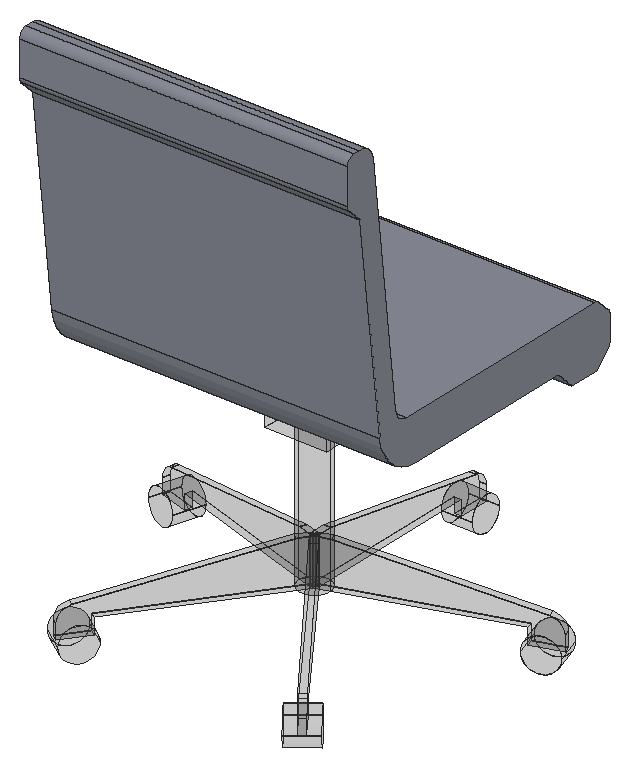
Revit family "Chair-Task", category Furniture, Revit 2018
Family settings
  OmniClass Number = 23.40.20.14.14.11
  OmniClass Title = Chairs
  Work Plane-Based = No
  Always vertical = Yes
  Cut with Voids When Loaded = No
  Shared = Yes
  Room Calculation Point = No
Parameters (values of type "Chair-Task")
  Assembly Code = "E2020200"
  Base Material = Plastic, Opaque Black
  Caster Material = Plastic, Opaque Black
  Seat/Back Material = Textile - Slate Blue
Reference planes (in)
  plane 1 "Center (Front/Back)": y = 0.7459
  plane 2: z = 0
  plane 3 "Center (Left/Right)": x = 5.55082
  plane 4: x = 18.05082
  plane 5: x = -6.94918
  plane 6: y = -12.7541
  plane 7: y = 14.2459
  plane 8: z = 35
  plane 9 "Seat": z = 18
  plane 10: y = -9.7541
  plane 11: z = 34
  plane 12: y = 11.2459
  plane 13: y = 10.2459
  plane 14: z = 17
  plane 15: y = -8.7541
  plane 16: z = 31
  plane 17: z = 14
  plane 18: x = 7.55082
  plane 19: x = 3.55082
Forms (in)
  Extrusion 1, solid, material "Textile - Slate Blue" <- "Seat/Back Material"
    sketch origin (-6.94918, 0, 0) x (0, -1, 0) y (0, 0, 1)
      loop
        arc (-10.03977, 18) -> (-10.23034, 17.96226) -> (-10.39214, 17.85473) r 0.5
        line (-10.39214, 17.85473) -> (-11.09827, 17.15331)
        arc (-11.09827, 17.15331) -> (-11.20752, 16.99069) -> (-11.2459, 16.79857) r 0.5
        line (-11.2459, 16.79857) -> (-11.2459, 15.41892)
        arc (-11.2459, 15.41892) -> (-11.17042, 15.03778) -> (-10.95537, 14.71418) r 1
        line (-10.95537, 14.71418) -> (-10.24595, 14) -> (-8.24595, 14) -> (-7.12892, 15.10959) -> (4.21689, 15.10959)
        arc (4.21689, 15.10959) -> (6.21043, 15.86776) -> (7.19634, 17.75907) r 3
        line (7.19634, 17.75907) -> (8.7541, 31) -> (9.60765, 31.85355)
        arc (9.60765, 31.85355) -> (9.71604, 32.01577) -> (9.7541, 32.20711) r 0.5
        line (9.7541, 32.20711) -> (9.7541, 34.5)
        arc (9.7541, 34.5) -> (9.60765, 34.85355) -> (9.2541, 35) r 0.5
        line (9.2541, 35) -> (8.7472, 35)
        arc (8.7472, 35) -> (8.08269, 34.74728) -> (7.75405, 34.11684) r 1
        line (7.75405, 34.11684) -> (5.96185, 18.88316)
        arc (5.96185, 18.88316) -> (5.63322, 18.25272) -> (4.9687, 18) r 1
        line (4.9687, 18) -> (-10.03977, 18)
    from -2 to -23
  Extrusion 2, solid, material "Plastic, Opaque Black" <- "Base Material"
    sketch origin (7.55082, 0, 0) x (0, -1, 0) y (0, 0, 1)
      loop
        line (0.7541, 15.10959) -> (-2.7459, 15.10959) -> (-2.7459, 14.60959) -> (-0.7459, 11.14549) -> (0.7541, 11.14549) -> (0.7541, 15.10959)
    from 0 to 4
  Extrusion 3, solid, material "Plastic, Opaque Black" <- "Base Material"
    sketch origin (5.55082, 0, 0) x (0, 1, 0) y (0, 0, 1)
      loop
        line (0.7459, 2.10959) -> (12.2459, 2.10959) -> (12.2459, 1.10959) -> (14.2459, 1.10959) -> (14.2459, 2.0664)
        arc (14.2459, 2.0664) -> (14.01195, 2.70919) -> (13.41955, 3.05121) r 1
        line (13.41955, 3.05121) -> (1.7459, 5.10959) -> (0.7459, 5.10959) -> (0.7459, 2.10959)
    from 0.25 to -0.25
  Extrusion 4, solid, material "Plastic, Opaque Black" <- "Caster Material"
    sketch origin (5.55082, 0, 0) x (0, 1, 0) y (0, 0, 1)
      loop
        circle (13.2459, 1.10959) r 1.11025
    from 1 to -1
  Extrusion 5, solid, material "Plastic, Opaque Black" <- "Base Material"
    sketch origin (6.26021, 0.51541, 0) x (-0.951057, 0.309017, 0) y (0, 0, 1)
      loop
        line (0.7459, 2.10959) -> (12.2459, 2.10959) -> (12.2459, 1.10959) -> (14.2459, 1.10959) -> (14.2459, 2.0664)
        arc (14.2459, 2.0664) -> (14.01195, 2.70919) -> (13.41955, 3.05121) r 1
        line (13.41955, 3.05121) -> (1.7459, 5.10959) -> (0.7459, 5.10959) -> (0.7459, 2.10959)
    from 0.25 to -0.25
  Extrusion 6, solid, material "Plastic, Opaque Black" <- "Caster Material"
    sketch origin (6.26021, 0.51541, 0) x (-0.951057, 0.309017, 0) y (0, 0, 1)
      loop
        circle (13.2459, 1.10959) r 1.11025
    from 1 to -1
  Extrusion 7, solid, material "Plastic, Opaque Black" <- "Base Material"
    sketch origin (5.98925, 1.34935, 0) x (-0.587785, -0.809017, 0) y (0, 0, 1)
      loop
        line (0.7459, 2.10959) -> (12.2459, 2.10959) -> (12.2459, 1.10959) -> (14.2459, 1.10959) -> (14.2459, 2.0664)
        arc (14.2459, 2.0664) -> (14.01195, 2.70919) -> (13.41955, 3.05121) r 1
        line (13.41955, 3.05121) -> (1.7459, 5.10959) -> (0.7459, 5.10959) -> (0.7459, 2.10959)
    from 0.25 to -0.25
  Extrusion 8, solid, material "Plastic, Opaque Black" <- "Caster Material"
    sketch origin (5.98925, 1.34935, 0) x (-0.587785, -0.809017, 0) y (0, 0, 1)
      loop
        circle (13.2459, 1.10959) r 1.11025
    from 1 to -1
  Extrusion 9, solid, material "Plastic, Opaque Black" <- "Base Material"
    sketch origin (5.11239, 1.34935, 0) x (0.587785, -0.809017, 0) y (0, 0, 1)
      loop
        line (0.7459, 2.10959) -> (12.2459, 2.10959) -> (12.2459, 1.10959) -> (14.2459, 1.10959) -> (14.2459, 2.0664)
        arc (14.2459, 2.0664) -> (14.01195, 2.70919) -> (13.41955, 3.05121) r 1
        line (13.41955, 3.05121) -> (1.7459, 5.10959) -> (0.7459, 5.10959) -> (0.7459, 2.10959)
    from 0.25 to -0.25
  Extrusion 10, solid, material "Plastic, Opaque Black" <- "Caster Material"
    sketch origin (5.11239, 1.34935, 0) x (0.587785, -0.809017, 0) y (0, 0, 1)
      loop
        circle (13.2459, 1.10959) r 1.11025
    from 1 to -1
  Extrusion 11, solid, material "Plastic, Opaque Black" <- "Base Material"
    sketch origin (4.84143, 0.51541, 0) x (0.951057, 0.309017, 0) y (0, 0, 1)
      loop
        line (0.7459, 2.10959) -> (12.2459, 2.10959) -> (12.2459, 1.10959) -> (14.2459, 1.10959) -> (14.2459, 2.0664)
        arc (14.2459, 2.0664) -> (14.01195, 2.70919) -> (13.41955, 3.05121) r 1
        line (13.41955, 3.05121) -> (1.7459, 5.10959) -> (0.7459, 5.10959) -> (0.7459, 2.10959)
    from 0.25 to -0.25
  Extrusion 12, solid, material "Plastic, Opaque Black" <- "Caster Material"
    sketch origin (4.84143, 0.51541, 0) x (0.951057, 0.309017, 0) y (0, 0, 1)
      loop
        circle (13.2459, 1.10959) r 1.11025
    from 1 to -1
  Extrusion 13, solid, material "Plastic, Opaque Black" <- "Base Material"
    sketch origin (0, 0, 0) x (1, 0, 0) y (0, 1, 0)
      loop
        circle (5.55082, 0.7459) r 1
    from 2.10959 to 15.125
Lines and regions (in)
  Masking region 1
    outline origin (0, 0, 18) x (0, -1, 0) y (1, 0, 0)
      loop
        line (-11.09827, -5.19918) -> (8.7541, -5.19918)
        arc (8.7541, -5.19918) -> (9.46121, -4.90629) -> (9.7541, -4.19918) r 1
        line (9.7541, -4.19918) -> (9.7541, 15.30082)
        arc (9.7541, 15.30082) -> (9.46121, 16.00793) -> (8.7541, 16.30082) r 1
        line (8.7541, 16.30082) -> (-11.09827, 16.30082) -> (-11.09827, -5.19918)
  symbolic lines
    curve 1: line (-4.94918, -8.7541, 18) -> (-4.94918, -6.9687, 18)
    curve 2: line (-2.94918, -4.9687, 18) -> (14.05082, -4.9687, 18)
    curve 3: line (16.05082, -8.7541, 18) -> (16.05082, -6.9687, 18)
    curve 4: arc (-2.94918, -4.9687, 18) -> (-4.36339, -5.55449, 18) -> (-4.94918, -6.9687, 18) r 2
    curve 5: arc (14.05082, -4.9687, 18) -> (15.46503, -5.55449, 18) -> (16.05082, -6.9687, 18) r 2
    curve 6: arc (-4.94918, -8.7541, 18) -> (-4.65629, -9.46121, 18) -> (-3.94918, -9.7541, 18) r 1
    curve 7: arc (16.05082, -8.7541, 18) -> (15.75793, -9.46121, 18) -> (15.05082, -9.7541, 18) r 1
Dimensions and locks (in)
  equal spacing: plane 5, plane 3 "Center (Left/Right)", plane 4
  plane 5 to plane 4 = 2' - 1"
  equal spacing: plane 6, plane 1 "Center (Front/Back)", plane 7
  plane 6 to plane 7 = 2' - 3"
Automatic sketch dimensions
  plane 1 "Center (Front/Back)" to curve 2 = 0' - 5.7146"
  curve 2 to curve 5 = 0' - 2"
  plane 4 to Masking region 1 sketch curve = 0' - 1 3/4"
  plane 7 to Masking region 1 sketch curve = 0' - 3.14763"
  Masking region 1 sketch curve to plane 5 = 0' - 1 3/4"
  Masking region 1 sketch curve to plane 6 = 0' - 4"  (x2)
  Masking region 1 sketch curve to Masking region 1 sketch curve = 0' - 1"
  curve 2 to curve 4 = 0' - 2"
  curve 6 to plane 5 = 0' - 2"
  plane 4 to curve 5 = 0' - 4"
  curve 3 to curve 7 = 0' - 1.7854"
  curve 4 to curve 1 = 0' - 1.7854"
  curve 7 to curve 7 = 0' - 1"
  curve 6 to curve 6 = 0' - 1"
